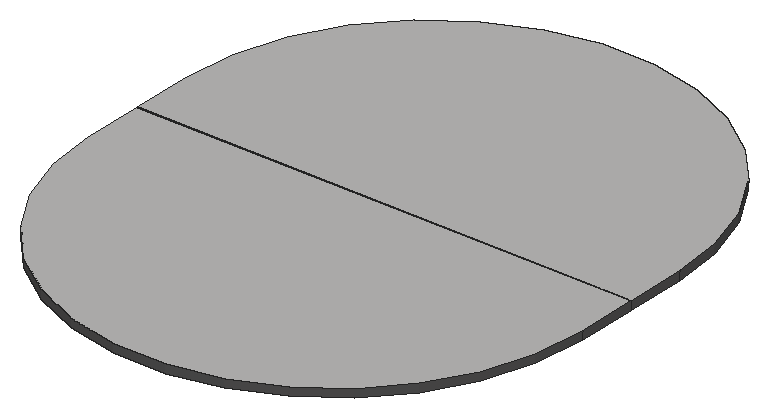
Revit family "22M 48 Elongated", category Furniture, Revit 2016
Family settings
  OmniClass Number = 23.40.20.00
  OmniClass Title = General Furniture and Specialties
  Work Plane-Based = No
  Always vertical = Yes
  Cut with Voids When Loaded = No
  Shared = No
  Room Calculation Point = No
Parameters
  Top [instance] = Palmer Hamilton Lt Gry
  Open [instance] = yes
  Model = "22M132948EL"
  Height [instance] = 2' - 5"
  Frame [instance] = Palmer Hamilton Black
  Edge [instance] = Palmer Hamilton Black
  Closed [instance] = no
Reference planes (in)
  plane 1 "Center Front/Back": y = 0
  plane 2: z = 0
  plane 3 "Center Left/Right": x = 0
  plane 4: z = 29
  plane 5: z = 28.1875
Forms (in)
  Extrusion 1, solid, material "Palmer Hamilton Black" <- "Frame", visible <- "Closed"
    sketch origin (0, 23.43372, 35.67249) x (1, 0, 0) y (0, 0.017452, 0.999848)
      loop
        line (-19.875, -2.9375) -> (-19.875, -4.1875) -> (19.8804, -4.1875) -> (19.8804, -2.9375) -> (-19.875, -2.9375)
    from 24.37295 to 26.185
  Extrusion 2, solid, material "Palmer Hamilton Black" <- "Frame", visible <- "Closed"
    sketch origin (0, -23.43372, 35.67249) x (-1, 0, 0) y (0, -0.017452, 0.999848)
      loop
        line (-19.875, -2.9375) -> (-19.875, -4.1875) -> (19.8804, -4.1875) -> (19.8804, -2.9375) -> (-19.875, -2.9375)
    from 24.37295 to 26.185
  Extrusion 3, solid, material "Palmer Hamilton Black" <- "Frame", visible <- "Open"
    sketch origin (0, 0, 0) x (1, 0, 0) y (0, 1, 0)
      loop
        line (-20.0625, -5) -> (-20.0625, -8.28854) -> (-8.35104, -20) -> (8.35104, -20) -> (20.0625, -8.28854) -> (20.0625, -5) -> (19.5625, -5) -> (19.5625, -8.08144) -> (8.14394, -19.5) -> (-8.14394, -19.5) -> (-19.5625, -8.08144) -> (-19.5625, -5) -> (-20.0625, -5)
    from 26.04911 to 28.1875
  Extrusion 4, solid, material "Palmer Hamilton Black" <- "Frame", visible <- "Closed"
    sketch origin (0, 23.46852, 37.6661) x (1, 0, 0) y (0, 0.017452, 0.999848)
      loop
        line (-20.0625, -5.00072) -> (-20.0625, -8.28854) -> (-8.35104, -20) -> (8.35104, -20) -> (20.0625, -8.28854) -> (20.0625, -5) -> (19.5625, -5) -> (19.5625, -8.08144) -> (8.14394, -19.5) -> (-8.14394, -19.5) -> (-19.5625, -8.08144) -> (-19.5625, -5.00072) -> (-20.0625, -5.00072)
    from 24.04911 to 26.1875
  Extrusion 5, solid, material "Palmer Hamilton Black" <- "Frame", visible <- "Open"
    sketch origin (0, 0, 0) x (-1, 0, 0) y (0, -1, 0)
      loop
        line (-20.0625, -5) -> (-20.0625, -8.28854) -> (-8.35104, -20) -> (8.35104, -20) -> (20.0625, -8.28854) -> (20.0625, -5) -> (19.5625, -5) -> (19.5625, -8.08144) -> (8.14394, -19.5) -> (-8.14394, -19.5) -> (-19.5625, -8.08144) -> (-19.5625, -5) -> (-20.0625, -5)
    from 26.04911 to 28.1875
  Extrusion 6, solid, material "Palmer Hamilton Black" <- "Frame", visible <- "Closed"
    sketch origin (0, -23.46852, 37.6661) x (-1, 0, 0) y (0, -0.017452, 0.999848)
      loop
        line (-20.0625, -5.00072) -> (-20.0625, -8.28854) -> (-8.35104, -20) -> (8.35104, -20) -> (20.0625, -8.28854) -> (20.0625, -5) -> (19.5625, -5) -> (19.5625, -8.08144) -> (8.14394, -19.5) -> (-8.14394, -19.5) -> (-19.5625, -8.08144) -> (-19.5625, -5.00072) -> (-20.0625, -5.00072)
    from 24.04911 to 26.1875
  Extrusion 7, solid, visible <- "Open"
    sketch origin (0, 0, 0) x (1, 0, 0) y (0, 1, 0)
      loop
        line (-24, -0.06491) -> (-24, -5.87576)
        arc (-24, -5.87576) -> (0, -29.87576) -> (24, -5.87576) r 24
        line (24, -5.87576) -> (24, -0.06491) -> (-24, -0.06491)
    from 28.1875 to 29
  Extrusion 8, solid, visible <- "Closed"
    sketch origin (0, 25.43335, 37.6335) x (1, 0, 0) y (0, 0.017452, 0.999848)
      loop
        line (-24, -0.06491) -> (-24, -5.87576)
        arc (-24, -5.87576) -> (0, -29.87576) -> (24, -5.87576) r 24
        line (24, -5.87576) -> (24, -0.06491) -> (-24, -0.06491)
    from 28.1875 to 29
  Extrusion 9, solid, visible <- "Open"
    sketch origin (0, 0, 0) x (-1, 0, 0) y (0, -1, 0)
      loop
        line (-24, -0.06491) -> (-24, -5.87576)
        arc (-24, -5.87576) -> (0, -29.87576) -> (24, -5.87576) r 24
        line (24, -5.87576) -> (24, -0.06491) -> (-24, -0.06491)
    from 28.1875 to 29
  Extrusion 10, solid, visible <- "Closed"
    sketch origin (0, -25.43335, 37.6335) x (-1, 0, 0) y (0, -0.017452, 0.999848)
      loop
        line (-24, -0.06491) -> (-24, -5.87576)
        arc (-24, -5.87576) -> (0, -29.87576) -> (24, -5.87576) r 24
        line (24, -5.87576) -> (24, -0.06491) -> (-24, -0.06491)
    from 28.1875 to 29
  Extrusion 11, solid, material "Palmer Hamilton Black" <- "Frame", visible <- "Open"
    sketch origin (0, 0, 5) x (0, 1, 0) y (0, 0, 1)
      loop
        line (0.5625, 20.44279) -> (0.5625, 22.17483) -> (-1.05432, 22.17483) -> (-1.05432, 22.61495) -> (-2.319, 22.61495) -> (-2.319, 23.1875) -> (-11.819, 23.1875) -> (-11.819, 21.04911) -> (-4.819, 21.04911) -> (-4.12777, 20.56511) -> (-2.19922, 20.56511)
        arc (-2.19922, 20.56511) -> (-1.96819, 20.47396) -> (-1.80353, 20.28804) r 0.53311
        line (-1.80353, 20.28804) -> (-1.74766, 20.07952)
        arc (-1.74766, 20.07952) -> (-1.6893, 19.93864) -> (-1.54842, 19.88029) r 0.19923
        line (-1.54842, 19.88029) -> (0, 19.88029)
        arc (0, 19.88029) -> (0.39775, 20.04504) -> (0.5625, 20.44279) r 0.5625
    from -14.745 to -14.6404
  Extrusion 12, solid, material "Palmer Hamilton Black" <- "Frame", visible <- "Open"
    sketch origin (0, 0, 5) x (0, 1, 0) y (0, 0, 1)
      loop
        line (0.5625, 20.44279) -> (0.5625, 22.17483) -> (-1.05432, 22.17483) -> (-1.05432, 22.61495) -> (-2.319, 22.61495) -> (-2.319, 23.1875) -> (-7.57758, 23.1875) -> (-7.57758, 21.04911) -> (-4.819, 21.04911) -> (-4.12777, 20.56511) -> (-2.19922, 20.56511)
        arc (-2.19922, 20.56511) -> (-1.96819, 20.47396) -> (-1.80353, 20.28804) r 0.53311
        line (-1.80353, 20.28804) -> (-1.74766, 20.07952)
        arc (-1.74766, 20.07952) -> (-1.6893, 19.93864) -> (-1.54842, 19.88029) r 0.19923
        line (-1.54842, 19.88029) -> (0, 19.88029)
        arc (0, 19.88029) -> (0.39775, 20.04504) -> (0.5625, 20.44279) r 0.5625
    from -20.12 to -20
  Extrusion 13, solid, material "Palmer Hamilton Black" <- "Frame", visible <- "Open"
    sketch origin (0, 0, 5) x (0, 1, 0) y (0, 0, 1)
      loop
        line (0.5625, 20.44279) -> (0.5625, 22.17483) -> (-1.05432, 22.17483) -> (-1.05432, 22.61495) -> (-2.319, 22.61495) -> (-2.319, 23.1875) -> (-11.819, 23.1875) -> (-11.819, 21.04911) -> (-4.819, 21.04911) -> (-4.12777, 20.56511) -> (-2.19922, 20.56511)
        arc (-2.19922, 20.56511) -> (-1.96819, 20.47396) -> (-1.80353, 20.28804) r 0.53311
        line (-1.80353, 20.28804) -> (-1.74766, 20.07952)
        arc (-1.74766, 20.07952) -> (-1.6893, 19.93864) -> (-1.54842, 19.88029) r 0.19923
        line (-1.54842, 19.88029) -> (0, 19.88029)
        arc (0, 19.88029) -> (0.39775, 20.04504) -> (0.5625, 20.44279) r 0.5625
    from 14.5204 to 14.625
  Extrusion 14, solid, material "Palmer Hamilton Black" <- "Frame", visible <- "Open"
    sketch origin (0, 0, 5) x (0, 1, 0) y (0, 0, 1)
      loop
        line (0.5625, 20.44279) -> (0.5625, 22.17483) -> (-1.05432, 22.17483) -> (-1.05432, 22.61495) -> (-2.319, 22.61495) -> (-2.319, 23.1875) -> (-7.57758, 23.1875) -> (-7.57758, 21.04911) -> (-4.819, 21.04911) -> (-4.12777, 20.56511) -> (-2.19922, 20.56511)
        arc (-2.19922, 20.56511) -> (-1.96819, 20.47396) -> (-1.80353, 20.28804) r 0.53311
        line (-1.80353, 20.28804) -> (-1.74766, 20.07952)
        arc (-1.74766, 20.07952) -> (-1.6893, 19.93864) -> (-1.54842, 19.88029) r 0.19923
        line (-1.54842, 19.88029) -> (0, 19.88029)
        arc (0, 19.88029) -> (0.39775, 20.04504) -> (0.5625, 20.44279) r 0.5625
    from 19.8804 to 20
  Extrusion 15, solid, material "Palmer Hamilton Black" <- "Frame", visible <- "Closed"
    sketch origin (0, 23.43372, 40.67249) x (0, 0.017452, 0.999848) y (0, -0.999848, 0.017452)
      loop
        line (-2.43704, 23.39043) -> (-2.43704, 25.12248) -> (-4.05386, 25.12248) -> (-4.05386, 25.5626) -> (-5.31854, 25.5626) -> (-5.31854, 26.13514) -> (-14.81854, 26.13514) -> (-14.81854, 23.99675) -> (-7.81854, 23.99675) -> (-7.12731, 23.51275) -> (-5.19876, 23.51275)
        arc (-5.19876, 23.51275) -> (-4.96774, 23.4216) -> (-4.80307, 23.23569) r 0.53311
        line (-4.80307, 23.23569) -> (-4.7472, 23.02716)
        arc (-4.7472, 23.02716) -> (-4.68885, 22.88628) -> (-4.54797, 22.82793) r 0.19923
        line (-4.54797, 22.82793) -> (-2.99954, 22.82793)
        arc (-2.99954, 22.82793) -> (-2.6018, 22.99268) -> (-2.43704, 23.39043) r 0.5625
    from -14.745 to -14.6404
  Extrusion 16, solid, material "Palmer Hamilton Black" <- "Frame", visible <- "Closed"
    sketch origin (0, 23.43372, 40.67249) x (0, 0.017452, 0.999848) y (0, -0.999848, 0.017452)
      loop
        line (-2.43704, 23.39043) -> (-2.43704, 25.12248) -> (-4.05386, 25.12248) -> (-4.05386, 25.5626) -> (-5.31854, 25.5626) -> (-5.31854, 26.13514) -> (-11.29387, 26.13514) -> (-11.29387, 23.99675) -> (-7.81854, 23.99675) -> (-7.12731, 23.51275) -> (-5.19876, 23.51275)
        arc (-5.19876, 23.51275) -> (-4.96774, 23.4216) -> (-4.80307, 23.23569) r 0.53311
        line (-4.80307, 23.23569) -> (-4.7472, 23.02716)
        arc (-4.7472, 23.02716) -> (-4.68885, 22.88628) -> (-4.54797, 22.82793) r 0.19923
        line (-4.54797, 22.82793) -> (-2.99954, 22.82793)
        arc (-2.99954, 22.82793) -> (-2.6018, 22.99268) -> (-2.43704, 23.39043) r 0.5625
    from -20.12 to -20
  Extrusion 17, solid, material "Palmer Hamilton Black" <- "Frame", visible <- "Closed"
    sketch origin (0, 23.43372, 40.67249) x (0, 0.017452, 0.999848) y (0, -0.999848, 0.017452)
      loop
        line (-2.43704, 23.39043) -> (-2.43704, 25.12248) -> (-4.05386, 25.12248) -> (-4.05386, 25.5626) -> (-5.31854, 25.5626) -> (-5.31854, 26.13514) -> (-14.81854, 26.13514) -> (-14.81854, 23.99675) -> (-7.81854, 23.99675) -> (-7.12731, 23.51275) -> (-5.19876, 23.51275)
        arc (-5.19876, 23.51275) -> (-4.96774, 23.4216) -> (-4.80307, 23.23569) r 0.53311
        line (-4.80307, 23.23569) -> (-4.7472, 23.02716)
        arc (-4.7472, 23.02716) -> (-4.68885, 22.88628) -> (-4.54797, 22.82793) r 0.19923
        line (-4.54797, 22.82793) -> (-2.99954, 22.82793)
        arc (-2.99954, 22.82793) -> (-2.6018, 22.99268) -> (-2.43704, 23.39043) r 0.5625
    from 14.5204 to 14.625
  Extrusion 18, solid, material "Palmer Hamilton Black" <- "Frame", visible <- "Closed"
    sketch origin (0, 23.43372, 40.67249) x (0, 0.017452, 0.999848) y (0, -0.999848, 0.017452)
      loop
        line (-2.43704, 23.39043) -> (-2.43704, 25.12248) -> (-4.05386, 25.12248) -> (-4.05386, 25.5626) -> (-5.31854, 25.5626) -> (-5.31854, 26.13514) -> (-11.29387, 26.13514) -> (-11.29387, 23.99675) -> (-7.81854, 23.99675) -> (-7.12731, 23.51275) -> (-5.19876, 23.51275)
        arc (-5.19876, 23.51275) -> (-4.96774, 23.4216) -> (-4.80307, 23.23569) r 0.53311
        line (-4.80307, 23.23569) -> (-4.7472, 23.02716)
        arc (-4.7472, 23.02716) -> (-4.68885, 22.88628) -> (-4.54797, 22.82793) r 0.19923
        line (-4.54797, 22.82793) -> (-2.99954, 22.82793)
        arc (-2.99954, 22.82793) -> (-2.6018, 22.99268) -> (-2.43704, 23.39043) r 0.5625
    from 19.8804 to 20
  Extrusion 19, solid, material "Palmer Hamilton Black" <- "Frame", visible <- "Closed"
    sketch origin (0, 23.43372, 40.67249) x (0, 0.017452, 0.999848) y (0, -0.999848, 0.017452)
      loop
        line (-2.43704, 23.39043) -> (-2.43704, 25.12248) -> (-4.05386, 25.12248) -> (-4.05386, 25.5626) -> (-5.31854, 25.5626) -> (-5.31854, 26.13514) -> (-14.81854, 26.13514) -> (-14.81854, 23.99675) -> (-7.81854, 23.99675) -> (-7.12731, 23.51275) -> (-5.19876, 23.51275)
        arc (-5.19876, 23.51275) -> (-4.96774, 23.4216) -> (-4.80307, 23.23569) r 0.53311
        line (-4.80307, 23.23569) -> (-4.7472, 23.02716)
        arc (-4.7472, 23.02716) -> (-4.68885, 22.88628) -> (-4.54797, 22.82793) r 0.19923
        line (-4.54797, 22.82793) -> (-2.99954, 22.82793)
        arc (-2.99954, 22.82793) -> (-2.6018, 22.99268) -> (-2.43704, 23.39043) r 0.5625
    from -1.40625 to -1.28125
  Extrusion 20, solid, material "Palmer Hamilton Black" <- "Frame", visible <- "Open"
    sketch origin (0, 0, 5) x (0, 1, 0) y (0, 0, 1)
      loop
        line (0.5625, 20.44279) -> (0.5625, 22.17483) -> (-1.05432, 22.17483) -> (-1.05432, 22.61495) -> (-2.319, 22.61495) -> (-2.319, 23.1875) -> (-11.819, 23.1875) -> (-11.819, 21.04911) -> (-4.819, 21.04911) -> (-4.12777, 20.56511) -> (-2.19922, 20.56511)
        arc (-2.19922, 20.56511) -> (-1.96819, 20.47396) -> (-1.80353, 20.28804) r 0.53311
        line (-1.80353, 20.28804) -> (-1.74766, 20.07952)
        arc (-1.74766, 20.07952) -> (-1.6893, 19.93864) -> (-1.54842, 19.88029) r 0.19923
        line (-1.54842, 19.88029) -> (0, 19.88029)
        arc (0, 19.88029) -> (0.39775, 20.04504) -> (0.5625, 20.44279) r 0.5625
    from -1.40625 to -1.28125
  Extrusion 21, solid, material "Palmer Hamilton Black" <- "Frame", visible <- "Open"
    sketch origin (0, 0, 5) x (0, -1, 0) y (0, 0, 1)
      loop
        line (0.5625, 20.44279) -> (0.5625, 22.17483) -> (-1.05432, 22.17483) -> (-1.05432, 22.61495) -> (-2.319, 22.61495) -> (-2.319, 23.1875) -> (-11.819, 23.1875) -> (-11.819, 21.04911) -> (-4.819, 21.04911) -> (-4.12777, 20.56511) -> (-2.19922, 20.56511)
        arc (-2.19922, 20.56511) -> (-1.96819, 20.47396) -> (-1.80353, 20.28804) r 0.53311
        line (-1.80353, 20.28804) -> (-1.74766, 20.07952)
        arc (-1.74766, 20.07952) -> (-1.6893, 19.93864) -> (-1.54842, 19.88029) r 0.19923
        line (-1.54842, 19.88029) -> (0, 19.88029)
        arc (0, 19.88029) -> (0.39775, 20.04504) -> (0.5625, 20.44279) r 0.5625
    from -14.745 to -14.6404
  Extrusion 22, solid, material "Palmer Hamilton Black" <- "Frame", visible <- "Open"
    sketch origin (0, 0, 5) x (0, -1, 0) y (0, 0, 1)
      loop
        line (0.5625, 20.44279) -> (0.5625, 22.17483) -> (-1.05432, 22.17483) -> (-1.05432, 22.61495) -> (-2.319, 22.61495) -> (-2.319, 23.1875) -> (-7.92282, 23.1875) -> (-7.92282, 21.04911) -> (-4.819, 21.04911) -> (-4.12777, 20.56511) -> (-2.19922, 20.56511)
        arc (-2.19922, 20.56511) -> (-1.96819, 20.47396) -> (-1.80353, 20.28804) r 0.53311
        line (-1.80353, 20.28804) -> (-1.74766, 20.07952)
        arc (-1.74766, 20.07952) -> (-1.6893, 19.93864) -> (-1.54842, 19.88029) r 0.19923
        line (-1.54842, 19.88029) -> (0, 19.88029)
        arc (0, 19.88029) -> (0.39775, 20.04504) -> (0.5625, 20.44279) r 0.5625
    from -20.12 to -20
  Extrusion 23, solid, material "Palmer Hamilton Black" <- "Frame", visible <- "Open"
    sketch origin (0, 0, 5) x (0, -1, 0) y (0, 0, 1)
      loop
        line (0.5625, 20.44279) -> (0.5625, 22.17483) -> (-1.05432, 22.17483) -> (-1.05432, 22.61495) -> (-2.319, 22.61495) -> (-2.319, 23.1875) -> (-11.819, 23.1875) -> (-11.819, 21.04911) -> (-4.819, 21.04911) -> (-4.12777, 20.56511) -> (-2.19922, 20.56511)
        arc (-2.19922, 20.56511) -> (-1.96819, 20.47396) -> (-1.80353, 20.28804) r 0.53311
        line (-1.80353, 20.28804) -> (-1.74766, 20.07952)
        arc (-1.74766, 20.07952) -> (-1.6893, 19.93864) -> (-1.54842, 19.88029) r 0.19923
        line (-1.54842, 19.88029) -> (0, 19.88029)
        arc (0, 19.88029) -> (0.39775, 20.04504) -> (0.5625, 20.44279) r 0.5625
    from 14.5204 to 14.625
  Extrusion 24, solid, material "Palmer Hamilton Black" <- "Frame", visible <- "Open"
    sketch origin (0, 0, 5) x (0, -1, 0) y (0, 0, 1)
      loop
        line (0.5625, 20.44279) -> (0.5625, 22.17483) -> (-1.05432, 22.17483) -> (-1.05432, 22.61495) -> (-2.319, 22.61495) -> (-2.319, 23.1875) -> (-7.92282, 23.1875) -> (-7.92282, 21.04911) -> (-4.819, 21.04911) -> (-4.12777, 20.56511) -> (-2.19922, 20.56511)
        arc (-2.19922, 20.56511) -> (-1.96819, 20.47396) -> (-1.80353, 20.28804) r 0.53311
        line (-1.80353, 20.28804) -> (-1.74766, 20.07952)
        arc (-1.74766, 20.07952) -> (-1.6893, 19.93864) -> (-1.54842, 19.88029) r 0.19923
        line (-1.54842, 19.88029) -> (0, 19.88029)
        arc (0, 19.88029) -> (0.39775, 20.04504) -> (0.5625, 20.44279) r 0.5625
    from 19.8804 to 20
  Extrusion 25, solid, material "Palmer Hamilton Black" <- "Frame", visible <- "Closed"
    sketch origin (0, -23.43372, 40.67249) x (0, -0.017452, 0.999848) y (0, 0.999848, 0.017452)
      loop
        line (-2.43704, 23.39043) -> (-2.43704, 25.12248) -> (-4.05386, 25.12248) -> (-4.05386, 25.5626) -> (-5.31854, 25.5626) -> (-5.31854, 26.13514) -> (-14.81854, 26.13514) -> (-14.81854, 23.99675) -> (-7.81854, 23.99675) -> (-7.12731, 23.51275) -> (-5.19876, 23.51275)
        arc (-5.19876, 23.51275) -> (-4.96774, 23.4216) -> (-4.80307, 23.23569) r 0.53311
        line (-4.80307, 23.23569) -> (-4.7472, 23.02716)
        arc (-4.7472, 23.02716) -> (-4.68885, 22.88628) -> (-4.54797, 22.82793) r 0.19923
        line (-4.54797, 22.82793) -> (-2.99954, 22.82793)
        arc (-2.99954, 22.82793) -> (-2.6018, 22.99268) -> (-2.43704, 23.39043) r 0.5625
    from -14.745 to -14.6404
  Extrusion 26, solid, material "Palmer Hamilton Black" <- "Frame", visible <- "Closed"
    sketch origin (0, -23.43372, 40.67249) x (0, -0.017452, 0.999848) y (0, 0.999848, 0.017452)
      loop
        line (-2.43704, 23.39043) -> (-2.43704, 25.12248) -> (-4.05386, 25.12248) -> (-4.05386, 25.5626) -> (-5.31854, 25.5626) -> (-5.31854, 26.13514) -> (-11.29387, 26.13514) -> (-11.29387, 23.99675) -> (-7.81854, 23.99675) -> (-7.12731, 23.51275) -> (-5.19876, 23.51275)
        arc (-5.19876, 23.51275) -> (-4.96774, 23.4216) -> (-4.80307, 23.23569) r 0.53311
        line (-4.80307, 23.23569) -> (-4.7472, 23.02716)
        arc (-4.7472, 23.02716) -> (-4.68885, 22.88628) -> (-4.54797, 22.82793) r 0.19923
        line (-4.54797, 22.82793) -> (-2.99954, 22.82793)
        arc (-2.99954, 22.82793) -> (-2.6018, 22.99268) -> (-2.43704, 23.39043) r 0.5625
    from -20.12 to -20
  Extrusion 27, solid, material "Palmer Hamilton Black" <- "Frame", visible <- "Closed"
    sketch origin (0, -23.43372, 40.67249) x (0, -0.017452, 0.999848) y (0, 0.999848, 0.017452)
      loop
        line (-2.43704, 23.39043) -> (-2.43704, 25.12248) -> (-4.05386, 25.12248) -> (-4.05386, 25.5626) -> (-5.31854, 25.5626) -> (-5.31854, 26.13514) -> (-14.81854, 26.13514) -> (-14.81854, 23.99675) -> (-7.81854, 23.99675) -> (-7.12731, 23.51275) -> (-5.19876, 23.51275)
        arc (-5.19876, 23.51275) -> (-4.96774, 23.4216) -> (-4.80307, 23.23569) r 0.53311
        line (-4.80307, 23.23569) -> (-4.7472, 23.02716)
        arc (-4.7472, 23.02716) -> (-4.68885, 22.88628) -> (-4.54797, 22.82793) r 0.19923
        line (-4.54797, 22.82793) -> (-2.99954, 22.82793)
        arc (-2.99954, 22.82793) -> (-2.6018, 22.99268) -> (-2.43704, 23.39043) r 0.5625
    from 14.5204 to 14.625
  Extrusion 28, solid, material "Palmer Hamilton Black" <- "Frame", visible <- "Closed"
    sketch origin (0, -23.43372, 40.67249) x (0, -0.017452, 0.999848) y (0, 0.999848, 0.017452)
      loop
        line (-2.43704, 23.39043) -> (-2.43704, 25.12248) -> (-4.05386, 25.12248) -> (-4.05386, 25.5626) -> (-5.31854, 25.5626) -> (-5.31854, 26.13514) -> (-11.29387, 26.13514) -> (-11.29387, 23.99675) -> (-7.81854, 23.99675) -> (-7.12731, 23.51275) -> (-5.19876, 23.51275)
        arc (-5.19876, 23.51275) -> (-4.96774, 23.4216) -> (-4.80307, 23.23569) r 0.53311
        line (-4.80307, 23.23569) -> (-4.7472, 23.02716)
        arc (-4.7472, 23.02716) -> (-4.68885, 22.88628) -> (-4.54797, 22.82793) r 0.19923
        line (-4.54797, 22.82793) -> (-2.99954, 22.82793)
        arc (-2.99954, 22.82793) -> (-2.6018, 22.99268) -> (-2.43704, 23.39043) r 0.5625
    from 19.8804 to 20
  Extrusion 29, solid, material "Palmer Hamilton Black" <- "Frame", visible <- "Closed"
    sketch origin (0, -23.43372, 40.67249) x (0, -0.017452, 0.999848) y (0, 0.999848, 0.017452)
      loop
        line (-2.43704, 23.39043) -> (-2.43704, 25.12248) -> (-4.05386, 25.12248) -> (-4.05386, 25.5626) -> (-5.31854, 25.5626) -> (-5.31854, 26.13514) -> (-14.81854, 26.13514) -> (-14.81854, 23.99675) -> (-7.81854, 23.99675) -> (-7.12731, 23.51275) -> (-5.19876, 23.51275)
        arc (-5.19876, 23.51275) -> (-4.96774, 23.4216) -> (-4.80307, 23.23569) r 0.53311
        line (-4.80307, 23.23569) -> (-4.7472, 23.02716)
        arc (-4.7472, 23.02716) -> (-4.68885, 22.88628) -> (-4.54797, 22.82793) r 0.19923
        line (-4.54797, 22.82793) -> (-2.99954, 22.82793)
        arc (-2.99954, 22.82793) -> (-2.6018, 22.99268) -> (-2.43704, 23.39043) r 0.5625
    from -1.40625 to -1.28125
  Extrusion 30, solid, material "Palmer Hamilton Black" <- "Frame", visible <- "Open"
    sketch origin (0, 0, 5) x (0, -1, 0) y (0, 0, 1)
      loop
        line (0.5625, 20.44279) -> (0.5625, 22.17483) -> (-1.05432, 22.17483) -> (-1.05432, 22.61495) -> (-2.319, 22.61495) -> (-2.319, 23.1875) -> (-11.819, 23.1875) -> (-11.819, 21.04911) -> (-4.819, 21.04911) -> (-4.12777, 20.56511) -> (-2.19922, 20.56511)
        arc (-2.19922, 20.56511) -> (-1.96819, 20.47396) -> (-1.80353, 20.28804) r 0.53311
        line (-1.80353, 20.28804) -> (-1.74766, 20.07952)
        arc (-1.74766, 20.07952) -> (-1.6893, 19.93864) -> (-1.54842, 19.88029) r 0.19923
        line (-1.54842, 19.88029) -> (0, 19.88029)
        arc (0, 19.88029) -> (0.39775, 20.04504) -> (0.5625, 20.44279) r 0.5625
    from -1.40625 to -1.28125
Lines and regions (in)
  reference lines
    curve 1: line (0, -0.5625, 25.44279) -> (0, 0.5625, 25.44279)
Dimensions and locks (in)
  locked: plane 4 to plane 5 at 0.8125
  "Height": plane 4 to level
  locked: Extrusion 3 to plane 5 at 2.13839
  aligned and locked: level to plane 2
  aligned and locked: Extrusion 3 to plane 5
  aligned and locked: plane 4 to Extrusion 7
  aligned and locked: plane 4 to Extrusion 9
  aligned and locked: plane 5 to Extrusion 9
  aligned and locked: plane 5 to Extrusion 7
  aligned and locked: plane 5 to Extrusion 3
  aligned and locked: Extrusion 5 to plane 5
  aligned and locked: Extrusion 5 to Extrusion 3
Automatic sketch dimensions
  Extrusion 1 sketch curve to plane 3 "Center Left/Right" = 1' - 7 7/8"
  plane 3 "Center Left/Right" to Extrusion 1 sketch curve = 1' - 7.8804"
  Extrusion 1 sketch curve to Extrusion 1 sketch curve = 0' - 1 1/4"
  plane 3 "Center Left/Right" to Extrusion 2 sketch curve = 1' - 7 7/8"
  Extrusion 2 sketch curve to plane 3 "Center Left/Right" = 1' - 7.8804"
  Extrusion 2 sketch curve to Extrusion 2 sketch curve = 0' - 1 1/4"
  plane 1 "Center Front/Back" to Extrusion 3 sketch curve = 0' - 8.28854"
  Extrusion 3 sketch curve to plane 3 "Center Left/Right" = 1' - 8 1/16"
  plane 1 "Center Front/Back" to Extrusion 3 sketch curve = 0' - 8.08144"
  Extrusion 3 sketch curve to Extrusion 3 sketch curve = 0' - 0 1/2"  (x3)
  Extrusion 3 sketch curve to plane 3 "Center Left/Right" = 0' - 8.35104"
  Extrusion 3 sketch curve to Extrusion 3 sketch curve = 0' - 0.20711"  (x3)
  plane 3 "Center Left/Right" to Extrusion 3 sketch curve = 0' - 8.14394"
  plane 1 "Center Front/Back" to Extrusion 3 sketch curve = 0' - 5"
  Extrusion 3 sketch curve to Extrusion 3 sketch curve = 0' - 11.41856"
  Extrusion 3 sketch curve to Extrusion 3 sketch curve = 1' - 2 1/2"
  Extrusion 3 sketch curve to Extrusion 3 sketch curve = 0' - 3.28854"
  Extrusion 3 sketch curve to Extrusion 3 sketch curve = 0' - 3.08144"
  plane 1 "Center Front/Back" to curve 1 = 0' - 0 9/16"
  plane 5 to curve 1 = 0' - 2.74471"
  curve 1 to plane 1 "Center Front/Back" = 0' - 0 9/16"
  Extrusion 4 sketch curve to Extrusion 4 sketch curve = 0' - 0 1/2"  (x3)
  Extrusion 4 sketch curve to Extrusion 4 sketch curve = 0' - 0.20711"  (x4)
  Extrusion 4 sketch curve to Extrusion 4 sketch curve = 0' - 11.41856"
  Extrusion 4 sketch curve to Extrusion 4 sketch curve = 0' - 11.21146"  (x3)
  Extrusion 4 sketch curve to Extrusion 4 sketch curve = 0' - 3.08072"
  Extrusion 4 sketch curve to Extrusion 4 sketch curve = 0' - 3.08144"
  Extrusion 4 sketch curve to Extrusion 4 sketch curve = 1' - 4.28787"
  Extrusion 4 sketch curve to plane 3 "Center Left/Right" = 1' - 8 1/16"
  Extrusion 5 sketch curve to plane 1 "Center Front/Back" = 0' - 8.28854"
  plane 3 "Center Left/Right" to Extrusion 5 sketch curve = 1' - 8 1/16"
  Extrusion 5 sketch curve to plane 1 "Center Front/Back" = 0' - 8.08144"
  Extrusion 5 sketch curve to Extrusion 5 sketch curve = 0' - 0 1/2"  (x3)
  plane 3 "Center Left/Right" to Extrusion 5 sketch curve = 0' - 8.35104"
  Extrusion 5 sketch curve to Extrusion 5 sketch curve = 0' - 0.20711"  (x3)
  Extrusion 5 sketch curve to plane 3 "Center Left/Right" = 0' - 8.14394"
  Extrusion 5 sketch curve to plane 1 "Center Front/Back" = 0' - 5"
  Extrusion 5 sketch curve to Extrusion 5 sketch curve = 0' - 11.41856"
  Extrusion 5 sketch curve to Extrusion 5 sketch curve = 1' - 2 1/2"
  Extrusion 5 sketch curve to Extrusion 5 sketch curve = 0' - 3.28854"
  Extrusion 5 sketch curve to Extrusion 5 sketch curve = 0' - 3.08144"
  plane 3 "Center Left/Right" to Extrusion 6 sketch curve = 1' - 8 1/16"
  Extrusion 6 sketch curve to Extrusion 6 sketch curve = 0' - 0 1/2"  (x3)
  plane 3 "Center Left/Right" to Extrusion 6 sketch curve = 0' - 8.35104"
  Extrusion 6 sketch curve to Extrusion 6 sketch curve = 0' - 0.20711"  (x4)
  Extrusion 6 sketch curve to plane 3 "Center Left/Right" = 0' - 8.14394"
  Extrusion 6 sketch curve to Extrusion 6 sketch curve = 0' - 11.41856"
  Extrusion 6 sketch curve to Extrusion 6 sketch curve = 0' - 11.21146"  (x2)
  Extrusion 6 sketch curve to Extrusion 6 sketch curve = 0' - 3.08072"
  Extrusion 6 sketch curve to Extrusion 6 sketch curve = 0' - 3.08144"
  Extrusion 7 sketch curve to plane 3 "Center Left/Right" = 0' - 0"
  plane 1 "Center Front/Back" to Extrusion 7 sketch curve = 0' - 0.06491"
  plane 3 "Center Left/Right" to Extrusion 7 sketch curve = 2' - 0"
  Extrusion 7 sketch curve to Extrusion 7 sketch curve = 0' - 5.81084"  (x2)
  Extrusion 8 sketch curve to plane 3 "Center Left/Right" = 0' - 0"
  Extrusion 8 sketch curve to plane 3 "Center Left/Right" = 2' - 0"
  Extrusion 8 sketch curve to Extrusion 8 sketch curve = 0' - 5.81084"
  Extrusion 8 sketch curve to Extrusion 8 sketch curve = 0' - 0"
  Extrusion 9 sketch curve to plane 3 "Center Left/Right" = 0' - 0"
  Extrusion 9 sketch curve to plane 1 "Center Front/Back" = 0' - 0.06491"
  plane 3 "Center Left/Right" to Extrusion 9 sketch curve = 2' - 0"
  Extrusion 9 sketch curve to plane 1 "Center Front/Back" = 0' - 5.87576"
  Extrusion 9 sketch curve to Extrusion 9 sketch curve = 0' - 0"
  Extrusion 10 sketch curve to plane 3 "Center Left/Right" = 0' - 0"
  plane 3 "Center Left/Right" to Extrusion 10 sketch curve = 2' - 0"
  Extrusion 10 sketch curve to Extrusion 10 sketch curve = 0' - 5.81084"
  Extrusion 10 sketch curve to Extrusion 10 sketch curve = 0' - 0"
  Extrusion 11 sketch curve to plane 1 "Center Front/Back" = 0' - 0"
  plane 1 "Center Front/Back" to Extrusion 11 sketch curve = 0' - 1.05432"
  plane 1 "Center Front/Back" to Extrusion 11 sketch curve = 0' - 1.54842"
  Extrusion 11 sketch curve to Extrusion 11 sketch curve = 0' - 0 51/256"
  Extrusion 11 sketch curve to Extrusion 11 sketch curve = 0' - 0.05587"
  Extrusion 11 sketch curve to Extrusion 11 sketch curve = 0' - 0.39569"
  Extrusion 11 sketch curve to Extrusion 11 sketch curve = 0' - 0.52631"
  Extrusion 11 sketch curve to Extrusion 11 sketch curve = 0' - 1.26468"
  Extrusion 11 sketch curve to Extrusion 11 sketch curve = 0' - 1.8538"
  Extrusion 11 sketch curve to Extrusion 11 sketch curve = 0' - 0.69123"
  Extrusion 11 sketch curve to Extrusion 11 sketch curve = 0' - 7"
  Extrusion 11 sketch curve to plane 1 "Center Front/Back" = 0' - 0 9/16"
  plane 5 to Extrusion 11 sketch curve = 0' - 3.30721"
  Extrusion 11 sketch curve to Extrusion 11 sketch curve = 0' - 0.04225"
  Extrusion 11 sketch curve to Extrusion 11 sketch curve = 0' - 0.20852"
  Extrusion 11 sketch curve to Extrusion 11 sketch curve = 0' - 0.484"
  Extrusion 11 sketch curve to Extrusion 11 sketch curve = 0' - 1.73205"
  Extrusion 11 sketch curve to Extrusion 11 sketch curve = 0' - 0.44012"
  Extrusion 11 sketch curve to Extrusion 11 sketch curve = 0' - 0.57255"
  Extrusion 12 sketch curve to plane 1 "Center Front/Back" = 0' - 0"
  plane 1 "Center Front/Back" to Extrusion 12 sketch curve = 0' - 1.05432"
  plane 1 "Center Front/Back" to Extrusion 12 sketch curve = 0' - 1.54842"
  Extrusion 12 sketch curve to Extrusion 12 sketch curve = 0' - 0 51/256"
  Extrusion 12 sketch curve to Extrusion 12 sketch curve = 0' - 0.05587"
  Extrusion 12 sketch curve to Extrusion 12 sketch curve = 0' - 0.39569"
  Extrusion 12 sketch curve to Extrusion 12 sketch curve = 0' - 0.52631"
  Extrusion 12 sketch curve to Extrusion 12 sketch curve = 0' - 1.26468"
  Extrusion 12 sketch curve to Extrusion 12 sketch curve = 0' - 1.8538"
  Extrusion 12 sketch curve to Extrusion 12 sketch curve = 0' - 0.69123"
  Extrusion 12 sketch curve to Extrusion 12 sketch curve = 0' - 2.75858"
  Extrusion 12 sketch curve to plane 1 "Center Front/Back" = 0' - 0 9/16"
  plane 5 to Extrusion 12 sketch curve = 0' - 3.30721"
  Extrusion 12 sketch curve to Extrusion 12 sketch curve = 0' - 0.04225"
  Extrusion 12 sketch curve to Extrusion 12 sketch curve = 0' - 0.20852"
  Extrusion 12 sketch curve to Extrusion 12 sketch curve = 0' - 0.484"
  Extrusion 12 sketch curve to Extrusion 12 sketch curve = 0' - 1.73205"
  Extrusion 12 sketch curve to Extrusion 12 sketch curve = 0' - 0.44012"
  Extrusion 12 sketch curve to Extrusion 12 sketch curve = 0' - 0.57255"
  Extrusion 13 sketch curve to plane 1 "Center Front/Back" = 0' - 0"
  plane 1 "Center Front/Back" to Extrusion 13 sketch curve = 0' - 1.05432"
  plane 1 "Center Front/Back" to Extrusion 13 sketch curve = 0' - 1.54842"
  Extrusion 13 sketch curve to Extrusion 13 sketch curve = 0' - 0 51/256"
  Extrusion 13 sketch curve to Extrusion 13 sketch curve = 0' - 0.05587"
  Extrusion 13 sketch curve to Extrusion 13 sketch curve = 0' - 0.39569"
  Extrusion 13 sketch curve to Extrusion 13 sketch curve = 0' - 0.52631"
  Extrusion 13 sketch curve to Extrusion 13 sketch curve = 0' - 1.26468"
  Extrusion 13 sketch curve to Extrusion 13 sketch curve = 0' - 1.8538"
  Extrusion 13 sketch curve to Extrusion 13 sketch curve = 0' - 0.69123"
  Extrusion 13 sketch curve to Extrusion 13 sketch curve = 0' - 7"
  Extrusion 13 sketch curve to plane 1 "Center Front/Back" = 0' - 0 9/16"
  plane 5 to Extrusion 13 sketch curve = 0' - 3.30721"
  Extrusion 13 sketch curve to Extrusion 13 sketch curve = 0' - 0.04225"
  Extrusion 13 sketch curve to Extrusion 13 sketch curve = 0' - 0.20852"
  Extrusion 13 sketch curve to Extrusion 13 sketch curve = 0' - 0.484"
  Extrusion 13 sketch curve to Extrusion 13 sketch curve = 0' - 1.73205"
  Extrusion 13 sketch curve to Extrusion 13 sketch curve = 0' - 0.44012"
  Extrusion 13 sketch curve to Extrusion 13 sketch curve = 0' - 0.57255"
  Extrusion 14 sketch curve to plane 1 "Center Front/Back" = 0' - 0"
  plane 1 "Center Front/Back" to Extrusion 14 sketch curve = 0' - 1.05432"
  plane 1 "Center Front/Back" to Extrusion 14 sketch curve = 0' - 1.54842"
  Extrusion 14 sketch curve to Extrusion 14 sketch curve = 0' - 0 51/256"
  Extrusion 14 sketch curve to Extrusion 14 sketch curve = 0' - 0.05587"
  Extrusion 14 sketch curve to Extrusion 14 sketch curve = 0' - 0.39569"
  Extrusion 14 sketch curve to Extrusion 14 sketch curve = 0' - 0.52631"
  Extrusion 14 sketch curve to Extrusion 14 sketch curve = 0' - 1.26468"
  Extrusion 14 sketch curve to Extrusion 14 sketch curve = 0' - 1.8538"
  Extrusion 14 sketch curve to Extrusion 14 sketch curve = 0' - 0.69123"
  Extrusion 14 sketch curve to Extrusion 14 sketch curve = 0' - 2.75858"
  Extrusion 14 sketch curve to plane 1 "Center Front/Back" = 0' - 0 9/16"
  plane 5 to Extrusion 14 sketch curve = 0' - 3.30721"
  Extrusion 14 sketch curve to Extrusion 14 sketch curve = 0' - 0.04225"
  Extrusion 14 sketch curve to Extrusion 14 sketch curve = 0' - 0.20852"
  Extrusion 14 sketch curve to Extrusion 14 sketch curve = 0' - 0.484"
  Extrusion 14 sketch curve to Extrusion 14 sketch curve = 0' - 1.73205"
  Extrusion 14 sketch curve to Extrusion 14 sketch curve = 0' - 0.44012"
  Extrusion 14 sketch curve to Extrusion 14 sketch curve = 0' - 0.57255"
  plane 1 "Center Front/Back" to Extrusion 15 sketch curve = 0' - 0.818"
  plane 5 to Extrusion 15 sketch curve = 0' - 1.9125"
  Extrusion 15 sketch curve to Extrusion 15 sketch curve = 0' - 7"
  Extrusion 15 sketch curve to Extrusion 15 sketch curve = 0' - 0.69123"
  Extrusion 15 sketch curve to Extrusion 15 sketch curve = 0' - 1.80877"
  Extrusion 15 sketch curve to Extrusion 15 sketch curve = 0' - 1.8538"
  Extrusion 15 sketch curve to Extrusion 15 sketch curve = 0' - 0.07475"
  Extrusion 15 sketch curve to Extrusion 15 sketch curve = 0' - 0.39569"
  Extrusion 15 sketch curve to Extrusion 15 sketch curve = 0' - 0.05587"
  Extrusion 15 sketch curve to Extrusion 15 sketch curve = 0' - 0 51/256"
  Extrusion 15 sketch curve to Extrusion 15 sketch curve = 0' - 1.26468"
  Extrusion 15 sketch curve to Extrusion 15 sketch curve = 0' - 1.54842"
  Extrusion 15 sketch curve to Extrusion 15 sketch curve = 0' - 1.61682"
  Extrusion 15 sketch curve to Extrusion 15 sketch curve = 0' - 0.484"
  Extrusion 15 sketch curve to Extrusion 15 sketch curve = 0' - 0.12232"
  Extrusion 15 sketch curve to Extrusion 15 sketch curve = 0' - 0.20852"
  Extrusion 15 sketch curve to Extrusion 15 sketch curve = 0' - 1.73205"
  Extrusion 15 sketch curve to Extrusion 15 sketch curve = 0' - 0.44012"
  Extrusion 15 sketch curve to Extrusion 15 sketch curve = 0' - 0.57255"
  plane 1 "Center Front/Back" to Extrusion 16 sketch curve = 0' - 0.75648"
  Extrusion 16 sketch curve to plane 5 = 0' - 1.61164"
  Extrusion 16 sketch curve to Extrusion 16 sketch curve = 0' - 3.47532"
  Extrusion 16 sketch curve to Extrusion 16 sketch curve = 0' - 0.69123"
  Extrusion 16 sketch curve to Extrusion 16 sketch curve = 0' - 1.80877"
  Extrusion 16 sketch curve to Extrusion 16 sketch curve = 0' - 1.8538"
  Extrusion 16 sketch curve to Extrusion 16 sketch curve = 0' - 0.07475"
  Extrusion 16 sketch curve to Extrusion 16 sketch curve = 0' - 0.39569"
  Extrusion 16 sketch curve to Extrusion 16 sketch curve = 0' - 0.05587"
  Extrusion 16 sketch curve to Extrusion 16 sketch curve = 0' - 0 51/256"
  Extrusion 16 sketch curve to Extrusion 16 sketch curve = 0' - 1.26468"
  Extrusion 16 sketch curve to Extrusion 16 sketch curve = 0' - 1.54842"
  Extrusion 16 sketch curve to Extrusion 16 sketch curve = 0' - 1.61682"
  Extrusion 16 sketch curve to Extrusion 16 sketch curve = 0' - 0.484"
  Extrusion 16 sketch curve to Extrusion 16 sketch curve = 0' - 0.12232"
  Extrusion 16 sketch curve to Extrusion 16 sketch curve = 0' - 0.20852"
  Extrusion 16 sketch curve to Extrusion 16 sketch curve = 0' - 1.73205"
  Extrusion 16 sketch curve to Extrusion 16 sketch curve = 0' - 0.44012"
  Extrusion 16 sketch curve to Extrusion 16 sketch curve = 0' - 0.57255"
  plane 1 "Center Front/Back" to Extrusion 17 sketch curve = 0' - 0.818"
  plane 5 to Extrusion 17 sketch curve = 0' - 1.9125"
  Extrusion 17 sketch curve to Extrusion 17 sketch curve = 0' - 7"
  Extrusion 17 sketch curve to Extrusion 17 sketch curve = 0' - 0.69123"
  Extrusion 17 sketch curve to Extrusion 17 sketch curve = 0' - 1.80877"
  Extrusion 17 sketch curve to Extrusion 17 sketch curve = 0' - 1.8538"
  Extrusion 17 sketch curve to Extrusion 17 sketch curve = 0' - 0.07475"
  Extrusion 17 sketch curve to Extrusion 17 sketch curve = 0' - 0.39569"
  Extrusion 17 sketch curve to Extrusion 17 sketch curve = 0' - 0.05587"
  Extrusion 17 sketch curve to Extrusion 17 sketch curve = 0' - 0 51/256"
  Extrusion 17 sketch curve to Extrusion 17 sketch curve = 0' - 1.26468"
  Extrusion 17 sketch curve to Extrusion 17 sketch curve = 0' - 1.54842"
  Extrusion 17 sketch curve to Extrusion 17 sketch curve = 0' - 1.61682"
  Extrusion 17 sketch curve to Extrusion 17 sketch curve = 0' - 0.484"
  Extrusion 17 sketch curve to Extrusion 17 sketch curve = 0' - 0.12232"
  Extrusion 17 sketch curve to Extrusion 17 sketch curve = 0' - 0.20852"
  Extrusion 17 sketch curve to Extrusion 17 sketch curve = 0' - 1.73205"
  Extrusion 17 sketch curve to Extrusion 17 sketch curve = 0' - 0.44012"
  Extrusion 17 sketch curve to Extrusion 17 sketch curve = 0' - 0.57255"
  plane 1 "Center Front/Back" to Extrusion 18 sketch curve = 0' - 0.75648"
  Extrusion 18 sketch curve to plane 5 = 0' - 1.61164"
  Extrusion 18 sketch curve to Extrusion 18 sketch curve = 0' - 3.47532"
  Extrusion 18 sketch curve to Extrusion 18 sketch curve = 0' - 0.69123"
  Extrusion 18 sketch curve to Extrusion 18 sketch curve = 0' - 1.80877"
  Extrusion 18 sketch curve to Extrusion 18 sketch curve = 0' - 1.8538"
  Extrusion 18 sketch curve to Extrusion 18 sketch curve = 0' - 0.07475"
  Extrusion 18 sketch curve to Extrusion 18 sketch curve = 0' - 0.39569"
  Extrusion 18 sketch curve to Extrusion 18 sketch curve = 0' - 0.05587"
  Extrusion 18 sketch curve to Extrusion 18 sketch curve = 0' - 0 51/256"
  Extrusion 18 sketch curve to Extrusion 18 sketch curve = 0' - 1.26468"
  Extrusion 18 sketch curve to Extrusion 18 sketch curve = 0' - 1.54842"
  Extrusion 18 sketch curve to Extrusion 18 sketch curve = 0' - 1.61682"
  Extrusion 18 sketch curve to Extrusion 18 sketch curve = 0' - 0.484"
  Extrusion 18 sketch curve to Extrusion 18 sketch curve = 0' - 0.12232"
  Extrusion 18 sketch curve to Extrusion 18 sketch curve = 0' - 0.20852"
  Extrusion 18 sketch curve to Extrusion 18 sketch curve = 0' - 1.73205"
  Extrusion 18 sketch curve to Extrusion 18 sketch curve = 0' - 0.44012"
  Extrusion 18 sketch curve to Extrusion 18 sketch curve = 0' - 0.57255"
  plane 1 "Center Front/Back" to Extrusion 19 sketch curve = 0' - 0.818"
  plane 5 to Extrusion 19 sketch curve = 0' - 1.9125"
  Extrusion 19 sketch curve to Extrusion 19 sketch curve = 0' - 7"
  Extrusion 19 sketch curve to Extrusion 19 sketch curve = 0' - 0.69123"
  Extrusion 19 sketch curve to Extrusion 19 sketch curve = 0' - 1.80877"
  Extrusion 19 sketch curve to Extrusion 19 sketch curve = 0' - 1.8538"
  Extrusion 19 sketch curve to Extrusion 19 sketch curve = 0' - 0.07475"
  Extrusion 19 sketch curve to Extrusion 19 sketch curve = 0' - 0.39569"
  Extrusion 19 sketch curve to Extrusion 19 sketch curve = 0' - 0.05587"
  Extrusion 19 sketch curve to Extrusion 19 sketch curve = 0' - 0 51/256"
  Extrusion 19 sketch curve to Extrusion 19 sketch curve = 0' - 1.26468"
  Extrusion 19 sketch curve to Extrusion 19 sketch curve = 0' - 1.54842"
  Extrusion 19 sketch curve to Extrusion 19 sketch curve = 0' - 1.61682"
  Extrusion 19 sketch curve to Extrusion 19 sketch curve = 0' - 0.484"
  Extrusion 19 sketch curve to Extrusion 19 sketch curve = 0' - 0.12232"
  Extrusion 19 sketch curve to Extrusion 19 sketch curve = 0' - 0.20852"
  Extrusion 19 sketch curve to Extrusion 19 sketch curve = 0' - 1.73205"
  Extrusion 19 sketch curve to Extrusion 19 sketch curve = 0' - 0.44012"
  Extrusion 19 sketch curve to Extrusion 19 sketch curve = 0' - 0.57255"
  Extrusion 20 sketch curve to plane 1 "Center Front/Back" = 0' - 0"
  plane 1 "Center Front/Back" to Extrusion 20 sketch curve = 0' - 1.05432"
  plane 1 "Center Front/Back" to Extrusion 20 sketch curve = 0' - 1.54842"
  Extrusion 20 sketch curve to Extrusion 20 sketch curve = 0' - 0 51/256"
  Extrusion 20 sketch curve to Extrusion 20 sketch curve = 0' - 0.05587"
  Extrusion 20 sketch curve to Extrusion 20 sketch curve = 0' - 0.39569"
  Extrusion 20 sketch curve to Extrusion 20 sketch curve = 0' - 0.52631"
  Extrusion 20 sketch curve to Extrusion 20 sketch curve = 0' - 1.26468"
  Extrusion 20 sketch curve to Extrusion 20 sketch curve = 0' - 1.8538"
  Extrusion 20 sketch curve to Extrusion 20 sketch curve = 0' - 0.69123"
  Extrusion 20 sketch curve to Extrusion 20 sketch curve = 0' - 7"
  Extrusion 20 sketch curve to plane 1 "Center Front/Back" = 0' - 0 9/16"
  plane 5 to Extrusion 20 sketch curve = 0' - 3.30721"
  Extrusion 20 sketch curve to Extrusion 20 sketch curve = 0' - 0.04225"
  Extrusion 20 sketch curve to Extrusion 20 sketch curve = 0' - 0.20852"
  Extrusion 20 sketch curve to Extrusion 20 sketch curve = 0' - 0.484"
  Extrusion 20 sketch curve to Extrusion 20 sketch curve = 0' - 1.73205"
  Extrusion 20 sketch curve to Extrusion 20 sketch curve = 0' - 0.44012"
  Extrusion 20 sketch curve to Extrusion 20 sketch curve = 0' - 0.57255"
  Extrusion 21 sketch curve to plane 1 "Center Front/Back" = 0' - 0"
  Extrusion 21 sketch curve to plane 1 "Center Front/Back" = 0' - 1.05432"
  Extrusion 21 sketch curve to plane 1 "Center Front/Back" = 0' - 1.54842"
  Extrusion 21 sketch curve to Extrusion 21 sketch curve = 0' - 0 51/256"
  Extrusion 21 sketch curve to Extrusion 21 sketch curve = 0' - 0.05587"
  Extrusion 21 sketch curve to Extrusion 21 sketch curve = 0' - 0.39569"
  Extrusion 21 sketch curve to Extrusion 21 sketch curve = 0' - 0.52631"
  Extrusion 21 sketch curve to Extrusion 21 sketch curve = 0' - 1.26468"
  Extrusion 21 sketch curve to Extrusion 21 sketch curve = 0' - 1.8538"
  Extrusion 21 sketch curve to Extrusion 21 sketch curve = 0' - 0.69123"
  Extrusion 21 sketch curve to Extrusion 21 sketch curve = 0' - 7"
  plane 1 "Center Front/Back" to Extrusion 21 sketch curve = 0' - 0 9/16"
  plane 5 to Extrusion 21 sketch curve = 0' - 3.30721"
  Extrusion 21 sketch curve to Extrusion 21 sketch curve = 0' - 0.04225"
  Extrusion 21 sketch curve to Extrusion 21 sketch curve = 0' - 0.20852"
  Extrusion 21 sketch curve to Extrusion 21 sketch curve = 0' - 0.484"
  Extrusion 21 sketch curve to Extrusion 21 sketch curve = 0' - 1.73205"
  Extrusion 21 sketch curve to Extrusion 21 sketch curve = 0' - 0.44012"
  Extrusion 21 sketch curve to Extrusion 21 sketch curve = 0' - 0.57255"
  Extrusion 22 sketch curve to plane 1 "Center Front/Back" = 0' - 0"
  Extrusion 22 sketch curve to plane 1 "Center Front/Back" = 0' - 1.05432"
  Extrusion 22 sketch curve to plane 1 "Center Front/Back" = 0' - 1.54842"
  Extrusion 22 sketch curve to Extrusion 22 sketch curve = 0' - 0 51/256"
  Extrusion 22 sketch curve to Extrusion 22 sketch curve = 0' - 0.05587"
  Extrusion 22 sketch curve to Extrusion 22 sketch curve = 0' - 0.39569"
  Extrusion 22 sketch curve to Extrusion 22 sketch curve = 0' - 0.52631"
  Extrusion 22 sketch curve to Extrusion 22 sketch curve = 0' - 1.26468"
  Extrusion 22 sketch curve to Extrusion 22 sketch curve = 0' - 1.8538"
  Extrusion 22 sketch curve to Extrusion 22 sketch curve = 0' - 0.69123"
  Extrusion 22 sketch curve to Extrusion 22 sketch curve = 0' - 3.10382"
  plane 1 "Center Front/Back" to Extrusion 22 sketch curve = 0' - 0 9/16"
  plane 5 to Extrusion 22 sketch curve = 0' - 3.30721"
  Extrusion 22 sketch curve to Extrusion 22 sketch curve = 0' - 0.04225"
  Extrusion 22 sketch curve to Extrusion 22 sketch curve = 0' - 0.20852"
  Extrusion 22 sketch curve to Extrusion 22 sketch curve = 0' - 0.484"
  Extrusion 22 sketch curve to Extrusion 22 sketch curve = 0' - 1.73205"
  Extrusion 22 sketch curve to Extrusion 22 sketch curve = 0' - 0.44012"
  Extrusion 22 sketch curve to Extrusion 22 sketch curve = 0' - 0.57255"
  Extrusion 23 sketch curve to plane 1 "Center Front/Back" = 0' - 0"
  Extrusion 23 sketch curve to plane 1 "Center Front/Back" = 0' - 1.05432"
  Extrusion 23 sketch curve to plane 1 "Center Front/Back" = 0' - 1.54842"
  Extrusion 23 sketch curve to Extrusion 23 sketch curve = 0' - 0 51/256"
  Extrusion 23 sketch curve to Extrusion 23 sketch curve = 0' - 0.05587"
  Extrusion 23 sketch curve to Extrusion 23 sketch curve = 0' - 0.39569"
  Extrusion 23 sketch curve to Extrusion 23 sketch curve = 0' - 0.52631"
  Extrusion 23 sketch curve to Extrusion 23 sketch curve = 0' - 1.26468"
  Extrusion 23 sketch curve to Extrusion 23 sketch curve = 0' - 1.8538"
  Extrusion 23 sketch curve to Extrusion 23 sketch curve = 0' - 0.69123"
  Extrusion 23 sketch curve to Extrusion 23 sketch curve = 0' - 7"
  plane 1 "Center Front/Back" to Extrusion 23 sketch curve = 0' - 0 9/16"
  plane 5 to Extrusion 23 sketch curve = 0' - 3.30721"
  Extrusion 23 sketch curve to Extrusion 23 sketch curve = 0' - 0.04225"
  Extrusion 23 sketch curve to Extrusion 23 sketch curve = 0' - 0.20852"
  Extrusion 23 sketch curve to Extrusion 23 sketch curve = 0' - 0.484"
  Extrusion 23 sketch curve to Extrusion 23 sketch curve = 0' - 1.73205"
  Extrusion 23 sketch curve to Extrusion 23 sketch curve = 0' - 0.44012"
  Extrusion 23 sketch curve to Extrusion 23 sketch curve = 0' - 0.57255"
  Extrusion 24 sketch curve to plane 1 "Center Front/Back" = 0' - 0"
  Extrusion 24 sketch curve to plane 1 "Center Front/Back" = 0' - 1.05432"
  Extrusion 24 sketch curve to plane 1 "Center Front/Back" = 0' - 1.54842"
  Extrusion 24 sketch curve to Extrusion 24 sketch curve = 0' - 0 51/256"
  Extrusion 24 sketch curve to Extrusion 24 sketch curve = 0' - 0.05587"
  Extrusion 24 sketch curve to Extrusion 24 sketch curve = 0' - 0.39569"
  Extrusion 24 sketch curve to Extrusion 24 sketch curve = 0' - 0.52631"
  Extrusion 24 sketch curve to Extrusion 24 sketch curve = 0' - 1.26468"
  Extrusion 24 sketch curve to Extrusion 24 sketch curve = 0' - 1.8538"
  Extrusion 24 sketch curve to Extrusion 24 sketch curve = 0' - 0.69123"
  Extrusion 24 sketch curve to Extrusion 24 sketch curve = 0' - 3.10382"
  plane 1 "Center Front/Back" to Extrusion 24 sketch curve = 0' - 0 9/16"
  plane 5 to Extrusion 24 sketch curve = 0' - 3.30721"
  Extrusion 24 sketch curve to Extrusion 24 sketch curve = 0' - 0.04225"
  Extrusion 24 sketch curve to Extrusion 24 sketch curve = 0' - 0.20852"
  Extrusion 24 sketch curve to Extrusion 24 sketch curve = 0' - 0.484"
  Extrusion 24 sketch curve to Extrusion 24 sketch curve = 0' - 1.73205"
  Extrusion 24 sketch curve to Extrusion 24 sketch curve = 0' - 0.44012"
  Extrusion 24 sketch curve to Extrusion 24 sketch curve = 0' - 0.57255"
  Extrusion 25 sketch curve to plane 1 "Center Front/Back" = 0' - 0.818"
  plane 5 to Extrusion 25 sketch curve = 0' - 1.9125"
  Extrusion 25 sketch curve to Extrusion 25 sketch curve = 0' - 7"
  Extrusion 25 sketch curve to Extrusion 25 sketch curve = 0' - 0.69123"
  Extrusion 25 sketch curve to Extrusion 25 sketch curve = 0' - 1.80877"
  Extrusion 25 sketch curve to Extrusion 25 sketch curve = 0' - 1.8538"
  Extrusion 25 sketch curve to Extrusion 25 sketch curve = 0' - 0.07475"
  Extrusion 25 sketch curve to Extrusion 25 sketch curve = 0' - 0.39569"
  Extrusion 25 sketch curve to Extrusion 25 sketch curve = 0' - 0.05587"
  Extrusion 25 sketch curve to Extrusion 25 sketch curve = 0' - 0 51/256"
  Extrusion 25 sketch curve to Extrusion 25 sketch curve = 0' - 1.26468"
  Extrusion 25 sketch curve to Extrusion 25 sketch curve = 0' - 1.54842"
  Extrusion 25 sketch curve to Extrusion 25 sketch curve = 0' - 1.61682"
  Extrusion 25 sketch curve to Extrusion 25 sketch curve = 0' - 0.484"
  Extrusion 25 sketch curve to Extrusion 25 sketch curve = 0' - 0.12232"
  Extrusion 25 sketch curve to Extrusion 25 sketch curve = 0' - 0.20852"
  Extrusion 25 sketch curve to Extrusion 25 sketch curve = 0' - 1.73205"
  Extrusion 25 sketch curve to Extrusion 25 sketch curve = 0' - 0.44012"
  Extrusion 25 sketch curve to Extrusion 25 sketch curve = 0' - 0.57255"
  Extrusion 26 sketch curve to plane 1 "Center Front/Back" = 0' - 0.75648"
  Extrusion 26 sketch curve to plane 5 = 0' - 1.61164"
  Extrusion 26 sketch curve to Extrusion 26 sketch curve = 0' - 3.47532"
  Extrusion 26 sketch curve to Extrusion 26 sketch curve = 0' - 0.69123"
  Extrusion 26 sketch curve to Extrusion 26 sketch curve = 0' - 1.80877"
  Extrusion 26 sketch curve to Extrusion 26 sketch curve = 0' - 1.8538"
  Extrusion 26 sketch curve to Extrusion 26 sketch curve = 0' - 0.07475"
  Extrusion 26 sketch curve to Extrusion 26 sketch curve = 0' - 0.39569"
  Extrusion 26 sketch curve to Extrusion 26 sketch curve = 0' - 0.05587"
  Extrusion 26 sketch curve to Extrusion 26 sketch curve = 0' - 0 51/256"
  Extrusion 26 sketch curve to Extrusion 26 sketch curve = 0' - 1.26468"
  Extrusion 26 sketch curve to Extrusion 26 sketch curve = 0' - 1.54842"
  Extrusion 26 sketch curve to Extrusion 26 sketch curve = 0' - 1.61682"
  Extrusion 26 sketch curve to Extrusion 26 sketch curve = 0' - 0.484"
  Extrusion 26 sketch curve to Extrusion 26 sketch curve = 0' - 0.12232"
  Extrusion 26 sketch curve to Extrusion 26 sketch curve = 0' - 0.20852"
  Extrusion 26 sketch curve to Extrusion 26 sketch curve = 0' - 1.73205"
  Extrusion 26 sketch curve to Extrusion 26 sketch curve = 0' - 0.44012"
  Extrusion 26 sketch curve to Extrusion 26 sketch curve = 0' - 0.57255"
  Extrusion 27 sketch curve to plane 1 "Center Front/Back" = 0' - 0.818"
  plane 5 to Extrusion 27 sketch curve = 0' - 1.9125"
  Extrusion 27 sketch curve to Extrusion 27 sketch curve = 0' - 7"
  Extrusion 27 sketch curve to Extrusion 27 sketch curve = 0' - 0.69123"
  Extrusion 27 sketch curve to Extrusion 27 sketch curve = 0' - 1.80877"
  Extrusion 27 sketch curve to Extrusion 27 sketch curve = 0' - 1.8538"
  Extrusion 27 sketch curve to Extrusion 27 sketch curve = 0' - 0.07475"
  Extrusion 27 sketch curve to Extrusion 27 sketch curve = 0' - 0.39569"
  Extrusion 27 sketch curve to Extrusion 27 sketch curve = 0' - 0.05587"
  Extrusion 27 sketch curve to Extrusion 27 sketch curve = 0' - 0 51/256"
  Extrusion 27 sketch curve to Extrusion 27 sketch curve = 0' - 1.26468"
  Extrusion 27 sketch curve to Extrusion 27 sketch curve = 0' - 1.54842"
  Extrusion 27 sketch curve to Extrusion 27 sketch curve = 0' - 1.61682"
  Extrusion 27 sketch curve to Extrusion 27 sketch curve = 0' - 0.484"
  Extrusion 27 sketch curve to Extrusion 27 sketch curve = 0' - 0.12232"
  Extrusion 27 sketch curve to Extrusion 27 sketch curve = 0' - 0.20852"
  Extrusion 27 sketch curve to Extrusion 27 sketch curve = 0' - 1.73205"
  Extrusion 27 sketch curve to Extrusion 27 sketch curve = 0' - 0.44012"
  Extrusion 27 sketch curve to Extrusion 27 sketch curve = 0' - 0.57255"
  Extrusion 28 sketch curve to plane 1 "Center Front/Back" = 0' - 0.75648"
  Extrusion 28 sketch curve to plane 5 = 0' - 1.61164"
  Extrusion 28 sketch curve to Extrusion 28 sketch curve = 0' - 3.47532"
  Extrusion 28 sketch curve to Extrusion 28 sketch curve = 0' - 0.69123"
  Extrusion 28 sketch curve to Extrusion 28 sketch curve = 0' - 1.80877"
  Extrusion 28 sketch curve to Extrusion 28 sketch curve = 0' - 1.8538"
  Extrusion 28 sketch curve to Extrusion 28 sketch curve = 0' - 0.07475"
  Extrusion 28 sketch curve to Extrusion 28 sketch curve = 0' - 0.39569"
  Extrusion 28 sketch curve to Extrusion 28 sketch curve = 0' - 0.05587"
  Extrusion 28 sketch curve to Extrusion 28 sketch curve = 0' - 0 51/256"
  Extrusion 28 sketch curve to Extrusion 28 sketch curve = 0' - 1.26468"
  Extrusion 28 sketch curve to Extrusion 28 sketch curve = 0' - 1.54842"
  Extrusion 28 sketch curve to Extrusion 28 sketch curve = 0' - 1.61682"
  Extrusion 28 sketch curve to Extrusion 28 sketch curve = 0' - 0.484"
  Extrusion 28 sketch curve to Extrusion 28 sketch curve = 0' - 0.12232"
  Extrusion 28 sketch curve to Extrusion 28 sketch curve = 0' - 0.20852"
  Extrusion 28 sketch curve to Extrusion 28 sketch curve = 0' - 1.73205"
  Extrusion 28 sketch curve to Extrusion 28 sketch curve = 0' - 0.44012"
  Extrusion 28 sketch curve to Extrusion 28 sketch curve = 0' - 0.57255"
  Extrusion 29 sketch curve to plane 1 "Center Front/Back" = 0' - 0.818"
  plane 5 to Extrusion 29 sketch curve = 0' - 1.9125"
  Extrusion 29 sketch curve to Extrusion 29 sketch curve = 0' - 7"
  Extrusion 29 sketch curve to Extrusion 29 sketch curve = 0' - 0.69123"
  Extrusion 29 sketch curve to Extrusion 29 sketch curve = 0' - 1.80877"
  Extrusion 29 sketch curve to Extrusion 29 sketch curve = 0' - 1.8538"
  Extrusion 29 sketch curve to Extrusion 29 sketch curve = 0' - 0.07475"
  Extrusion 29 sketch curve to Extrusion 29 sketch curve = 0' - 0.39569"
  Extrusion 29 sketch curve to Extrusion 29 sketch curve = 0' - 0.05587"
  Extrusion 29 sketch curve to Extrusion 29 sketch curve = 0' - 0 51/256"
  Extrusion 29 sketch curve to Extrusion 29 sketch curve = 0' - 1.26468"
  Extrusion 29 sketch curve to Extrusion 29 sketch curve = 0' - 1.54842"
  Extrusion 29 sketch curve to Extrusion 29 sketch curve = 0' - 1.61682"
  Extrusion 29 sketch curve to Extrusion 29 sketch curve = 0' - 0.484"
  Extrusion 29 sketch curve to Extrusion 29 sketch curve = 0' - 0.12232"
  Extrusion 29 sketch curve to Extrusion 29 sketch curve = 0' - 0.20852"
  Extrusion 29 sketch curve to Extrusion 29 sketch curve = 0' - 1.73205"
  Extrusion 29 sketch curve to Extrusion 29 sketch curve = 0' - 0.44012"
  Extrusion 29 sketch curve to Extrusion 29 sketch curve = 0' - 0.57255"
  Extrusion 30 sketch curve to plane 1 "Center Front/Back" = 0' - 0"
  Extrusion 30 sketch curve to plane 1 "Center Front/Back" = 0' - 1.05432"
  Extrusion 30 sketch curve to plane 1 "Center Front/Back" = 0' - 1.54842"
  Extrusion 30 sketch curve to Extrusion 30 sketch curve = 0' - 0 51/256"
  Extrusion 30 sketch curve to Extrusion 30 sketch curve = 0' - 0.05587"
  Extrusion 30 sketch curve to Extrusion 30 sketch curve = 0' - 0.39569"
  Extrusion 30 sketch curve to Extrusion 30 sketch curve = 0' - 0.52631"
  Extrusion 30 sketch curve to Extrusion 30 sketch curve = 0' - 1.26468"
  Extrusion 30 sketch curve to Extrusion 30 sketch curve = 0' - 1.8538"
  Extrusion 30 sketch curve to Extrusion 30 sketch curve = 0' - 0.69123"
  Extrusion 30 sketch curve to Extrusion 30 sketch curve = 0' - 7"
  plane 1 "Center Front/Back" to Extrusion 30 sketch curve = 0' - 0 9/16"
  plane 5 to Extrusion 30 sketch curve = 0' - 3.30721"
  Extrusion 30 sketch curve to Extrusion 30 sketch curve = 0' - 0.04225"
  Extrusion 30 sketch curve to Extrusion 30 sketch curve = 0' - 0.20852"
  Extrusion 30 sketch curve to Extrusion 30 sketch curve = 0' - 0.484"
  Extrusion 30 sketch curve to Extrusion 30 sketch curve = 0' - 1.73205"
  Extrusion 30 sketch curve to Extrusion 30 sketch curve = 0' - 0.44012"
  Extrusion 30 sketch curve to Extrusion 30 sketch curve = 0' - 0.57255"
